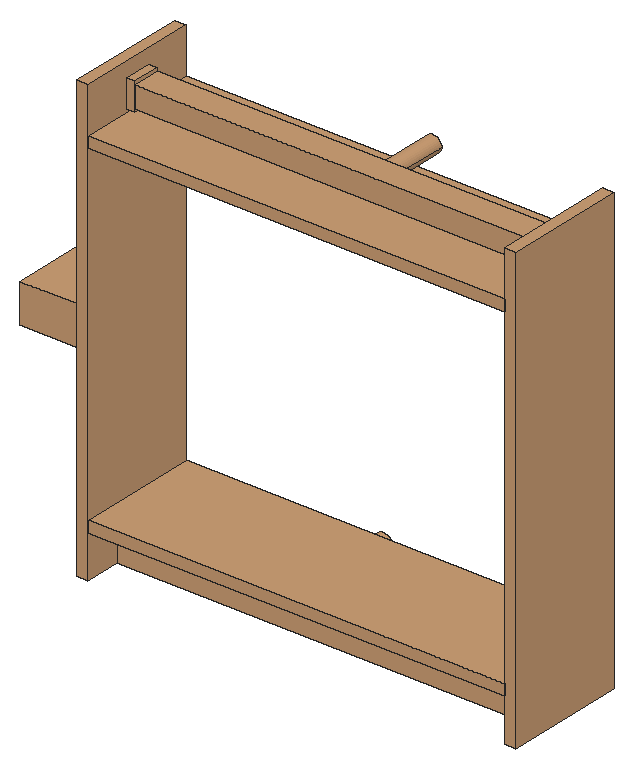
Revit family
Parameters
  Center Of Unit = 0' - 0"  # constant formula
  Water Pressure Drop [instance] = 0.00 psi
  Water Flow [instance] = 0 GPM
  Unit Weight (lbs) = 781
  URL = "http://www.ljwing.com/"
  Water Outlet Radius = 0' - 1 1/2"
  Water Outlet Odd sizes = 0' - 5 23/64"
  Total Heating Capacity [instance] = 0.0 Btu/h
  Temperature Rise [instance] = 0 °F
  Series = "VIFB"
  Outlet Area = 31.30 SF
  Number of Rows = 1  # constant formula
  Number of Coils [instance] = 0
  Nominal Length = 6' - 7 1/16"
  Model = "VD-7"
  Manufacturer = "LJ Wing"
  Leaving Water Temperature [instance] = 0 °F
  Leaving Air Temperature [instance] = 0 °F
  Face Velocity (FPM) [instance] = 0
  Entering Water Temperature [instance] = 0 °F
  Entering Air Temperature [instance] = 0 °F
  Description = "Vertical Integral Face & Bypass Water Heating Coils"
  Hot Water Odd Sizes = 0' - 5 23/64"
  Hot Water Inlet Offset = 0' - 4 3/8"  # constant formula
  Hot Water Inlet  Radius = 0' - 1 1/2"
  Coil Face Area = Outlet Area * 0.56  # 17.528 SF
  Casing Material = ""
  Assembly Code = "D3020300"
  Air Pressure Drop [instance] = 0.00 in-wg
  Air Inlet Width = Nominal Length - 0' 4"  # 6' - 3 1/16"
  Air Inlet Height = Y  # 5' - 0"
  Air Flow [instance] = 0 CFM
  Z = 0' - 2 1/8"
  Y = 5' - 0"
  S = 0' - 9 3/4"
  Product URL = "http://www.ljwing.com/html/vifb.asp"
  OmniClass = "23-75 70 21 14"
  Nominal Height = 6' - 8"
  Nominal Depth = 1' - 10"
  R = 0' - 10 1/4"
  Q = 0' - 3 17/32"
  P = 0' - 5 1/8"
  L = 0' - 5 15/16"
Reference planes (in)
  plane 1 "Center (Front/Back)": y = 0
  plane 2: z = -30
  plane 3 "Center (Left/Right)": x = 0
  plane 4: z = 40.25
  plane 5: x = -39.53125
  plane 6: x = 39.53125
  plane 7: z = -39.75
  plane 8: z = 0
  plane 9: y = -11
  plane 10: y = 11
  plane 11: z = 30
  plane 12: z = 32
  plane 13: z = -32
  plane 14: x = 37.53125
  plane 15: x = -37.53125
  plane 16: z = 35.125
  plane 17: z = -33.8125
  plane 18: x = -36
  plane 19: x = 36
  plane 20: y = 13.125
  plane 21: y = 15.375
  plane 22: x = -50.53125
  plane 23: x = 5.35938
  plane 24: x = -5.35937
  plane 25: z = 37.125
  plane 26: z = 33.125
  plane 27: y = -2.5
  plane 28: y = 2.5
  plane 29: y = -4.5
Forms (in)
  Extrusion 1, solid, material "Painted Finish"
    sketch origin (0, 6, -9.75) x (1, 0, 0) y (0, 0, 1)
      loop
        line (-39.53125, -30) -> (-37.53125, -30) -> (-37.53125, 50) -> (-39.53125, 50) -> (-39.53125, -30)
      loop
        line (39.53125, -30) -> (39.53125, 50) -> (37.53125, 50) -> (37.53125, -30) -> (39.53125, -30)
    from -5 to 17
  Extrusion 2, solid, material "Painted Finish"
    sketch origin (0, 6, 0) x (1, 0, 0) y (0, 0, 1)
      loop
        line (37.53125, -30) -> (-37.53125, -30) -> (-37.53125, -32) -> (37.53125, -32) -> (37.53125, -30)
      loop
        line (37.53125, 30) -> (37.53125, 32) -> (-37.53125, 32) -> (-37.53125, 30) -> (37.53125, 30)
    from -5 to 17
  Extrusion 3, solid, material "Painted Finish"
    sketch origin (0, 10, -0.5) x (1, 0, 0) y (0, 0, 1)
      loop
        line (-39.53125, 4) -> (-50.53125, 4) -> (-50.53125, -3) -> (-39.53125, -3) -> (-39.53125, 4)
    from 0 to 20
  Extrusion 4, solid, material "Painted Finish"
    sketch origin (0, 6, 0) x (1, 0, 0) y (0, 0, 1)
      loop
        line (-35.90625, 37.125) -> (-35.90625, 33.125) -> (35.90625, 33.125) -> (35.90625, 37.125) -> (-35.90625, 37.125)
    from 3.5 to 8.5
  Extrusion 5, solid, material "Painted Finish"
    sketch origin (0, 0, 0) x (1, 0, 0) y (0, 0, 1)
      loop
        line (-35.90625, 32.625) -> (-35.90625, 37.625) -> (-37.53125, 37.625) -> (-37.53125, 32.625) -> (-35.90625, 32.625)
      loop
        line (37.53125, 32.625) -> (37.53125, 37.625) -> (35.90625, 37.625) -> (35.90625, 32.625) -> (37.53125, 32.625)
    from -2.5 to 2.5
  Extrusion 6, solid, material "Painted Finish"
    sketch origin (0, 23, 0) x (1, 0, 0) y (0, 0, 1)
      loop
        circle (5.35938, 35.125) r 1.5
    from 9.875 to 20.5
  Extrusion 7, solid, material "Painted Finish"
    sketch origin (0, 6, 0) x (1, 0, 0) y (0, 0, 1)
      loop
        line (-37.53125, -32) -> (-37.53125, -39.75) -> (37.53125, -39.75) -> (37.53125, -32) -> (-37.53125, -32)
    from -5 to 10.5
  Extrusion 8, solid, material "Painted Finish"
    sketch origin (0, 23, 0) x (1, 0, 0) y (0, 0, 1)
      loop
        circle (-5.35937, -33.8125) r 1.5
    from 7.625 to 12
  Extrusion 9, void
    sketch origin (0, 0, 0) x (1, 0, 0) y (0, 0, 1)
      loop
        line (-37.53125, 30) -> (-37.53125, -30) -> (37.53125, -30) -> (37.53125, 30) -> (-37.53125, 30)
    from -11 to 11
Cuts and joins
  Extrusion 9 cuts Extrusion 1
  Extrusion 9 cuts Extrusion 2
Dimensions and locks (in)
  "Nominal Length": plane 6 to plane 5
  equal spacing: plane 6, plane 3 "Center (Left/Right)", plane 5
  "S": plane 2 to plane 7
  "Nominal Depth": plane 10 to plane 9
  equal spacing: plane 10, plane 1 "Center (Front/Back)", plane 9
  "Y": plane 11 to plane 2
  "R": plane 4 to plane 11
  locked: plane 12 to plane 11 at 2
  locked: plane 2 to plane 13 at 2
  "P": plane 4 to plane 16
  "L": plane 17 to plane 7
  "Q": plane 18 to plane 5
  "Q": plane 6 to plane 19
  "Z": plane 20 to plane 10
  "Hot Water Inlet Offset": plane 21 to plane 10
  locked: plane 5 to plane 22 at 11
  locked: Extrusion 3 sketch curve to Extrusion 3 sketch curve at 7
  locked: Extrusion 3 to Extrusion 3 at 20
  locked: plane 6 to plane 14 at 2
  locked: plane 15 to plane 5 at 2
  "Water Outlet Odd sizes": plane 23 to plane 3 "Center (Left/Right)"
  "Hot Water Odd Sizes": plane 3 "Center (Left/Right)" to plane 24
  equal spacing: plane 25, plane 16, plane 26
  locked: Extrusion 5 sketch curve to plane 25 at 0.5
  locked: plane 26 to Extrusion 5 sketch curve at 0.5
  locked: Extrusion 6 sketch curve to plane 16 at 0
  locked: Extrusion 6 sketch curve to plane 23 at 0
  locked: Extrusion 8 sketch curve to plane 17 at 0
  locked: Extrusion 8 sketch curve to plane 24 at 0
  locked: plane 25 to plane 26 at 4
  locked: plane 28 to plane 27 at 5
  equal spacing: plane 28, plane 1 "Center (Front/Back)", plane 27
  locked: plane 27 to plane 29 at 2
  plane 4 to plane 7 = 6' - 8"
  locked: Extrusion 5 sketch curve to Extrusion 1 at 1.625
  locked: Extrusion 5 sketch curve to Extrusion 5 sketch curve at 1.625
  locked: Extrusion 9 sketch curve to plane 11 at 0
  locked: Extrusion 9 sketch curve to plane 15 at 0
  locked: Extrusion 9 sketch curve to plane 14 at 0
  locked: Extrusion 9 sketch curve to plane 2 at 0
  equal spacing: plane 11, plane 8, plane 2
  "Water Outlet Radius": radius of Extrusion 6 sketch curve
  "Hot Water Inlet  Radius": radius of Extrusion 8 sketch curve
  aligned and locked: Extrusion 1 to plane 9
  aligned and locked: Extrusion 1 to plane 10
  aligned and locked: Extrusion 1 to plane 15
  aligned and locked: Extrusion 1 to plane 14
  aligned and locked: Extrusion 2 to plane 9
  aligned and locked: plane 9 to Extrusion 1
  aligned and locked: plane 10 to Extrusion 1  (x2)
  aligned and locked: Extrusion 2 to plane 10
  aligned and locked: plane 10 to Extrusion 2  (x2)
  aligned and locked: plane 9 to Extrusion 2  (x2)
  aligned and locked: plane 5 to Extrusion 3
  aligned and locked: Extrusion 5 sketch curve to plane 15
  aligned and locked: Extrusion 5 sketch curve to Extrusion 4
  aligned and locked: Extrusion 6 to plane 20
  aligned and locked: Extrusion 1 to Extrusion 7
  aligned and locked: Extrusion 8 to plane 10
  aligned and locked: plane 21 to Extrusion 8
  aligned and locked: plane 27 to Extrusion 5
  aligned and locked: Extrusion 5 to Extrusion 4  (x2)
  aligned and locked: Extrusion 5 to plane 28
  aligned and locked: Extrusion 6 to Extrusion 4
  aligned and locked: Extrusion 7 to plane 29  (x2)
  aligned and locked: Extrusion 8 to Extrusion 7
  aligned and locked: Extrusion 4 to Extrusion 5  (x2)
  aligned and locked: Extrusion 5 to Extrusion 1  (x2)
  aligned and locked: plane 2 to Extrusion 2
  aligned and locked: Extrusion 1 sketch curve to plane 6
  aligned and locked: Extrusion 1 sketch curve to plane 14
  aligned and locked: Extrusion 1 sketch curve to plane 15
  aligned and locked: Extrusion 1 sketch curve to plane 5
  aligned and locked: plane 7 to Extrusion 1 sketch curve  (x2)
  aligned and locked: Extrusion 1 sketch curve to plane 4  (x2)
  aligned and locked: Extrusion 2 sketch curve to plane 11
  aligned and locked: Extrusion 2 sketch curve to plane 12
  aligned and locked: Extrusion 2 sketch curve to plane 14  (x2)
  aligned and locked: Extrusion 2 sketch curve to plane 15  (x2)
  aligned and locked: Extrusion 2 sketch curve to plane 13
  aligned and locked: plane 2 to Extrusion 2 sketch curve
  aligned and locked: plane 13 to Extrusion 7 sketch curve
  aligned and locked: Extrusion 7 sketch curve to plane 7
  aligned and locked: Extrusion 7 sketch curve to plane 14
  aligned and locked: Extrusion 7 sketch curve to plane 15
  aligned and locked: cut or joined group of Extrusion 1, Extrusion 9 to plane 10
  aligned and locked: Extrusion 8 to plane 21
Automatic sketch dimensions
  Extrusion 3 sketch curve to plane 22 = 0' - 0"
  Extrusion 3 sketch curve to plane 5 = 0' - 0"
  plane 8 to Extrusion 3 sketch curve = 0' - 3 1/2"
  Extrusion 4 sketch curve to plane 25 = 0' - 0"
  Extrusion 4 sketch curve to plane 26 = 0' - 0"
  plane 18 to Extrusion 4 sketch curve = 0' - 0 3/32"
  Extrusion 4 sketch curve to plane 19 = 0' - 0 3/32"
  plane 26 to Extrusion 5 sketch curve = 0' - 0 1/2"
  Extrusion 5 sketch curve to plane 25 = 0' - 0 1/2"
Connectors (in)
  hvac at (0, -11, 0), driven by "Air Inlet Height", driven by "Air Inlet Width", driven by "Air Flow", driven by "Air Pressure Drop"
    settings: on Extrusion 9, index 1
  hvac at (0, 11, 0), driven by "Air Pressure Drop", driven by "Air Inlet Height", driven by "Air Inlet Width", driven by "Air Flow"
    settings: on Extrusion 9, index 2
  piping at (5.35938, 13.125, 35.125), driven by "Water Flow", driven by "Water Outlet Radius", driven by "Water Pressure Drop"
    settings: on Extrusion 6, index 3
  piping at (-5.35937, 15.375, -33.8125), driven by "Water Flow", driven by "Water Pressure Drop", driven by "Hot Water Inlet  Radius"
    settings: on Extrusion 8, index 4
